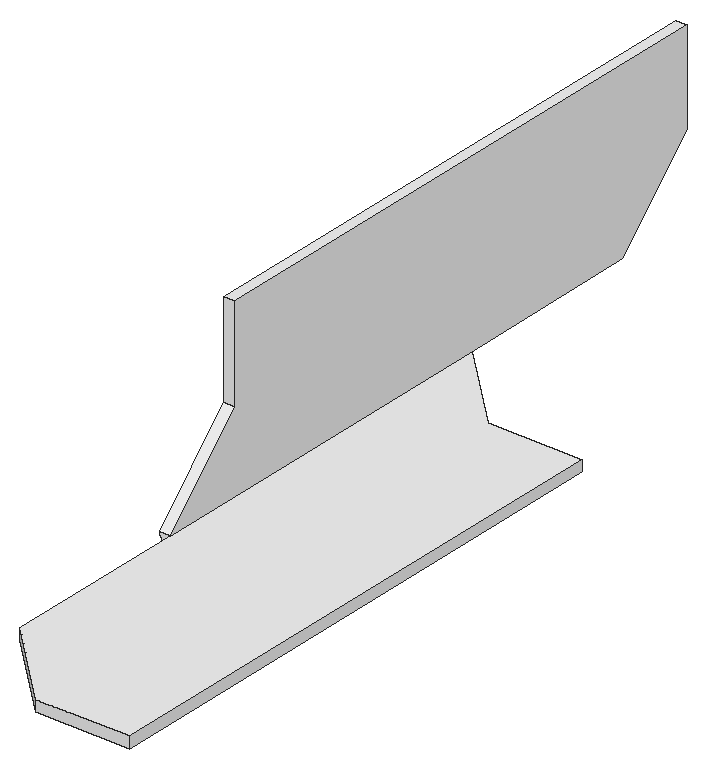
Revit family "JOMA_Takåsfäste Höger", category Structural Connections, host Face, Revit 2012
Parameters (values of type "580170H")
  Vikt = "0,10"
  Typ 370 Spikmönster [instance] = and(Typ 370, Spikmönster)  # no
  Typ 370 = no
  Typ 330 Spikmönster [instance] = and(Typ 330, Spikmönster)  # no
  Typ 330 = no
  Typ 290 Spikmönster [instance] = and(Typ 290, Spikmönster)  # no
  Typ 290 = no
  Typ 250 Spikmönster [instance] = and(Typ 250, Spikmönster)  # no
  Typ 250 = no
  Typ 210 Spikmönster [instance] = and(Typ 210, Spikmönster)  # no
  Typ 210 = no
  Typ 170 Spikmönster [instance] = and(Typ 170, Spikmönster)  # no
  Typ 170 = yes
  Typ = "TYP 170"
  Spikmönster [instance] = no
  Spik/skruv [instance] = "ANKARSPIK 4,0x40"
  Material = Varmförzinkad stålplåt
  Länk Joma Dimensioneringsverktyg = "http://www.joma.se/dimensioneringsverktyg"
  Default Elevation = 1219.2 mm
  B = 50 mm
  Antal spik/skruv i sekundär [instance] = if(and(Typ 170, Spikmönster), 5, if(and(Typ 210, Spikmönster), 7, if(and(Typ 250, Spikmönster), 9, if(and(Typ 290, Spikmönster), 11, if(and(Typ 330, Spikmönster), 13, if(and(Typ 370, Spikmönster), 15, 0))))))  # 0
  Antal spik/skruv i primär [instance] = if(and(Typ 170, Spikmönster), 6, if(and(Typ 210, Spikmönster), 8, if(and(Typ 250, Spikmönster), 10, if(and(Typ 290, Spikmönster), 12, if(and(Typ 330, Spikmönster), 14, if(and(Typ 370, Spikmönster), 16, 0))))))  # 0
  A = 170 mm
Reference planes
  plane 1 "Center (Front/Back)": y = 0
  plane 2: z = 0
  plane 3 "Center (Left/Right)": x = 0
  plane 4: y = 85
  plane 5: y = -85
  plane 6: x = -34.5
  plane 7: x = -34.5
  plane 8: z = 34.5
  plane 9: z = 34.5
  plane 10: z = 34.5
  plane 11: z = 34.5
  plane 12: y = 20
  plane 13: y = 35
  plane 14: y = -70
  plane 15: y = -35
  plane 16: x = -17
  plane 17: x = -2
  plane 18: y = 70
  plane 19: z = 2
  plane 20: z = 17
  plane 21: y = -20
  plane 22: x = 34.5
  plane 23: x = 34.5
  plane 24: x = 17
  plane 25: x = 2
Forms (mm)
  Extrusion 1, solid, material "Varmförzinkad stålplåt" <- "Material"
    sketch origin (0, 0, 0) x (-1, 0, 0) y (0, 0, -1)
      loop
        line (-2, -2) -> (-2, -34.5) -> (0, -34.5) -> (0, -2)
        arc (0, -2) -> (-0.586, -0.586) -> (-2, 0) r 2
        line (-2, 0) -> (-34.5, 0) -> (-34.5, -2) -> (-2, -2)
    from -85 to 85
  Extrusion 2, void
    sketch origin (0, 0, 0) x (-1, 0, 0) y (0, -1, 0)
      loop
        line (-34.5, -85) -> (-2, -85) -> (-2, -35) -> (-17, -20) -> (-34.5, -20) -> (-34.5, -85)
    from 0 to 2
  Extrusion 3, void
    sketch origin (0, 0, 0) x (-1, 0, 0) y (0, -1, 0)
      loop
        line (0, 85) -> (-17, 85) -> (-2, 70) -> (-2, 35) -> (0, 35) -> (0, 85)
    from 0 to 2
  Extrusion 4, void
    sketch origin (0, 0, 0) x (0, 1, 0) y (0, 0, -1)
      loop
        line (85, 0) -> (35, 0) -> (35, -2) -> (70, -2) -> (85, -17) -> (85, 0)
    from -2 to 0
  Extrusion 5, void
    sketch origin (0, 0, 0) x (0, 1, 0) y (0, 0, -1)
      loop
        line (-20, -34.5) -> (-20, -17) -> (-35, -2) -> (-85, -2) -> (-85, -34.5) -> (-20, -34.5)
    from -2 to 0
Cuts and joins
  Extrusion 2, Extrusion 3, Extrusion 4, Extrusion 5 cuts Extrusion 1
Lines and regions (mm)
  symbolic lines, visible <- "Typ 370"
    curve 1: circle (27, -177.5, 0) r 2.5 normal (0, 0, 1)
    curve 2: circle (12, -167.5, 0) r 2.5 normal (0, 0, 1)
    curve 3: circle (27, -157.5, 0) r 2.5 normal (0, 0, 1)
    curve 4: circle (12, -147.5, 0) r 2.5 normal (0, 0, 1)
    curve 5: circle (27, -137.5, 0) r 2.5 normal (0, 0, 1)
    curve 6: circle (12, -127.5, 0) r 2.5 normal (0, 0, 1)
    curve 7: circle (27, -117.5, 0) r 2.5 normal (0, 0, 1)
    curve 8: circle (12, -107.5, 0) r 2.5 normal (0, 0, 1)
    curve 9: circle (27, -97.5, 0) r 2.5 normal (0, 0, 1)
    curve 10: circle (12, -87.5, 0) r 2.5 normal (0, 0, 1)
    curve 11: circle (27, -77.5, 0) r 2.5 normal (0, 0, 1)
    curve 12: circle (12, -67.5, 0) r 2.5 normal (0, 0, 1)
    curve 13: circle (27, -57.5, 0) r 2.5 normal (0, 0, 1)
    curve 14: circle (12, -47.5, 0) r 2.5 normal (0, 0, 1)
    curve 15: circle (27, -37.5, 0) r 2.5 normal (0, 0, 1)
    curve 16: circle (12, -27.5, 0) r 2.5 normal (0, 0, 1)
    curve 17: circle (27, -17.5, 0) r 2.5 normal (0, 0, 1)
    curve 18: circle (12, -7.5, 0) r 2.5 normal (0, 0, 1)
    curve 19: circle (27, 2.5, 0) r 2.5 normal (0, 0, 1)
    curve 20: circle (12, 12.5, 0) r 2.5 normal (0, 0, 1)
    curve 21: circle (27, 22.5, 0) r 2.5 normal (0, 0, 1)
    curve 22: circle (12, 32.5, 0) r 2.5 normal (0, 0, 1)
    curve 23: circle (27, 42.5, 0) r 2.5 normal (0, 0, 1)
    curve 24: circle (12, 52.5, 0) r 2.5 normal (0, 0, 1)
    curve 25: circle (27, 62.5, 0) r 2.5 normal (0, 0, 1)
    curve 26: circle (12, 72.5, 0) r 2.5 normal (0, 0, 1)
    curve 27: circle (27, 82.5, 0) r 2.5 normal (0, 0, 1)
    curve 28: circle (12, 92.5, 0) r 2.5 normal (0, 0, 1)
    curve 29: circle (27, 102.5, 0) r 2.5 normal (0, 0, 1)
    curve 30: circle (12, 112.5, 0) r 2.5 normal (0, 0, 1)
    curve 31: circle (27, 122.5, 0) r 2.5 normal (0, 0, 1)
    curve 247: circle (0, 177.5, 27) r 2.5 normal (1, 0, 0)
    curve 248: circle (0, 167.5, 12) r 2.5 normal (1, 0, 0)
    curve 249: circle (0, 157.5, 27) r 2.5 normal (1, 0, 0)
    curve 250: circle (0, 147.5, 12) r 2.5 normal (1, 0, 0)
    curve 251: circle (0, 137.5, 27) r 2.5 normal (1, 0, 0)
    curve 252: circle (0, 127.5, 12) r 2.5 normal (1, 0, 0)
    curve 253: circle (0, 117.5, 27) r 2.5 normal (1, 0, 0)
    curve 254: circle (0, 107.5, 12) r 2.5 normal (1, 0, 0)
    curve 255: circle (0, 97.5, 27) r 2.5 normal (1, 0, 0)
    curve 256: circle (0, 87.5, 12) r 2.5 normal (1, 0, 0)
    curve 257: circle (0, 77.5, 27) r 2.5 normal (1, 0, 0)
    curve 258: circle (0, 67.5, 12) r 2.5 normal (1, 0, 0)
    curve 259: circle (0, 57.5, 27) r 2.5 normal (1, 0, 0)
    curve 260: circle (0, 47.5, 12) r 2.5 normal (1, 0, 0)
    curve 261: circle (0, 37.5, 27) r 2.5 normal (1, 0, 0)
    curve 262: circle (0, 27.5, 12) r 2.5 normal (1, 0, 0)
    curve 263: circle (0, 17.5, 27) r 2.5 normal (1, 0, 0)
    curve 264: circle (0, 7.5, 12) r 2.5 normal (1, 0, 0)
    curve 265: circle (0, -2.5, 27) r 2.5 normal (1, 0, 0)
    curve 266: circle (0, -12.5, 12) r 2.5 normal (1, 0, 0)
    curve 267: circle (0, -22.5, 27) r 2.5 normal (1, 0, 0)
    curve 268: circle (0, -32.5, 12) r 2.5 normal (1, 0, 0)
    curve 269: circle (0, -42.5, 27) r 2.5 normal (1, 0, 0)
    curve 270: circle (0, -52.5, 12) r 2.5 normal (1, 0, 0)
    curve 271: circle (0, -62.5, 27) r 2.5 normal (1, 0, 0)
    curve 272: circle (0, -72.5, 12) r 2.5 normal (1, 0, 0)
    curve 273: circle (0, -82.5, 27) r 2.5 normal (1, 0, 0)
    curve 274: circle (0, -92.5, 12) r 2.5 normal (1, 0, 0)
    curve 275: circle (0, -102.5, 27) r 2.5 normal (1, 0, 0)
    curve 276: circle (0, -112.5, 12) r 2.5 normal (1, 0, 0)
    curve 277: circle (0, -122.5, 27) r 2.5 normal (1, 0, 0)
  symbolic lines, visible <- "Typ 330"
    curve 32: circle (27, -157.5, 0) r 2.5 normal (0, 0, 1)
    curve 33: circle (12, -147.5, 0) r 2.5 normal (0, 0, 1)
    curve 34: circle (27, -137.5, 0) r 2.5 normal (0, 0, 1)
    curve 35: circle (12, -127.5, 0) r 2.5 normal (0, 0, 1)
    curve 36: circle (27, -117.5, 0) r 2.5 normal (0, 0, 1)
    curve 37: circle (12, -107.5, 0) r 2.5 normal (0, 0, 1)
    curve 38: circle (27, -97.5, 0) r 2.5 normal (0, 0, 1)
    curve 39: circle (12, -87.5, 0) r 2.5 normal (0, 0, 1)
    curve 40: circle (27, -77.5, 0) r 2.5 normal (0, 0, 1)
    curve 41: circle (12, -67.5, 0) r 2.5 normal (0, 0, 1)
    curve 42: circle (27, -57.5, 0) r 2.5 normal (0, 0, 1)
    curve 43: circle (12, -47.5, 0) r 2.5 normal (0, 0, 1)
    curve 44: circle (27, -37.5, 0) r 2.5 normal (0, 0, 1)
    curve 45: circle (12, -27.5, 0) r 2.5 normal (0, 0, 1)
    curve 46: circle (27, -17.5, 0) r 2.5 normal (0, 0, 1)
    curve 47: circle (12, -7.5, 0) r 2.5 normal (0, 0, 1)
    curve 48: circle (27, 2.5, 0) r 2.5 normal (0, 0, 1)
    curve 49: circle (12, 12.5, 0) r 2.5 normal (0, 0, 1)
    curve 50: circle (27, 22.5, 0) r 2.5 normal (0, 0, 1)
    curve 51: circle (12, 32.5, 0) r 2.5 normal (0, 0, 1)
    curve 52: circle (27, 42.5, 0) r 2.5 normal (0, 0, 1)
    curve 53: circle (12, 52.5, 0) r 2.5 normal (0, 0, 1)
    curve 54: circle (27, 62.5, 0) r 2.5 normal (0, 0, 1)
    curve 55: circle (12, 72.5, 0) r 2.5 normal (0, 0, 1)
    curve 56: circle (27, 82.5, 0) r 2.5 normal (0, 0, 1)
    curve 57: circle (12, 92.5, 0) r 2.5 normal (0, 0, 1)
    curve 58: circle (27, 102.5, 0) r 2.5 normal (0, 0, 1)
    curve 278: circle (0, 157.5, 27) r 2.5 normal (1, 0, 0)
    curve 279: circle (0, 147.5, 12) r 2.5 normal (1, 0, 0)
    curve 280: circle (0, 137.5, 27) r 2.5 normal (1, 0, 0)
    curve 281: circle (0, 127.5, 12) r 2.5 normal (1, 0, 0)
    curve 282: circle (0, 117.5, 27) r 2.5 normal (1, 0, 0)
    curve 283: circle (0, 107.5, 12) r 2.5 normal (1, 0, 0)
    curve 284: circle (0, 97.5, 27) r 2.5 normal (1, 0, 0)
    curve 285: circle (0, 87.5, 12) r 2.5 normal (1, 0, 0)
    curve 286: circle (0, 77.5, 27) r 2.5 normal (1, 0, 0)
    curve 287: circle (0, 67.5, 12) r 2.5 normal (1, 0, 0)
    curve 288: circle (0, 57.5, 27) r 2.5 normal (1, 0, 0)
    curve 289: circle (0, 47.5, 12) r 2.5 normal (1, 0, 0)
    curve 290: circle (0, 37.5, 27) r 2.5 normal (1, 0, 0)
    curve 291: circle (0, 27.5, 12) r 2.5 normal (1, 0, 0)
    curve 292: circle (0, 17.5, 27) r 2.5 normal (1, 0, 0)
    curve 293: circle (0, 7.5, 12) r 2.5 normal (1, 0, 0)
    curve 294: circle (0, -2.5, 27) r 2.5 normal (1, 0, 0)
    curve 295: circle (0, -12.5, 12) r 2.5 normal (1, 0, 0)
    curve 296: circle (0, -22.5, 27) r 2.5 normal (1, 0, 0)
    curve 297: circle (0, -32.5, 12) r 2.5 normal (1, 0, 0)
    curve 298: circle (0, -42.5, 27) r 2.5 normal (1, 0, 0)
    curve 299: circle (0, -52.5, 12) r 2.5 normal (1, 0, 0)
    curve 300: circle (0, -62.5, 27) r 2.5 normal (1, 0, 0)
    curve 301: circle (0, -72.5, 12) r 2.5 normal (1, 0, 0)
    curve 302: circle (0, -82.5, 27) r 2.5 normal (1, 0, 0)
    curve 303: circle (0, -92.5, 12) r 2.5 normal (1, 0, 0)
    curve 304: circle (0, -102.5, 27) r 2.5 normal (1, 0, 0)
  symbolic lines, visible <- "Typ 290"
    curve 59: circle (27, -137.5, 0) r 2.5 normal (0, 0, 1)
    curve 60: circle (12, -127.5, 0) r 2.5 normal (0, 0, 1)
    curve 61: circle (27, -117.5, 0) r 2.5 normal (0, 0, 1)
    curve 62: circle (12, -107.5, 0) r 2.5 normal (0, 0, 1)
    curve 63: circle (27, -97.5, 0) r 2.5 normal (0, 0, 1)
    curve 64: circle (12, -87.5, 0) r 2.5 normal (0, 0, 1)
    curve 65: circle (27, -77.5, 0) r 2.5 normal (0, 0, 1)
    curve 66: circle (12, -67.5, 0) r 2.5 normal (0, 0, 1)
    curve 67: circle (27, -57.5, 0) r 2.5 normal (0, 0, 1)
    curve 68: circle (12, -47.5, 0) r 2.5 normal (0, 0, 1)
    curve 69: circle (27, -37.5, 0) r 2.5 normal (0, 0, 1)
    curve 70: circle (12, -27.5, 0) r 2.5 normal (0, 0, 1)
    curve 71: circle (27, -17.5, 0) r 2.5 normal (0, 0, 1)
    curve 72: circle (12, -7.5, 0) r 2.5 normal (0, 0, 1)
    curve 73: circle (27, 2.5, 0) r 2.5 normal (0, 0, 1)
    curve 74: circle (12, 12.5, 0) r 2.5 normal (0, 0, 1)
    curve 75: circle (27, 22.5, 0) r 2.5 normal (0, 0, 1)
    curve 76: circle (12, 32.5, 0) r 2.5 normal (0, 0, 1)
    curve 77: circle (27, 42.5, 0) r 2.5 normal (0, 0, 1)
    curve 78: circle (12, 52.5, 0) r 2.5 normal (0, 0, 1)
    curve 79: circle (27, 62.5, 0) r 2.5 normal (0, 0, 1)
    curve 80: circle (12, 72.5, 0) r 2.5 normal (0, 0, 1)
    curve 81: circle (27, 82.5, 0) r 2.5 normal (0, 0, 1)
    curve 305: circle (0, 137.5, 27) r 2.5 normal (1, 0, 0)
    curve 306: circle (0, 127.5, 12) r 2.5 normal (1, 0, 0)
    curve 307: circle (0, 117.5, 27) r 2.5 normal (1, 0, 0)
    curve 308: circle (0, 107.5, 12) r 2.5 normal (1, 0, 0)
    curve 309: circle (0, 97.5, 27) r 2.5 normal (1, 0, 0)
    curve 310: circle (0, 87.5, 12) r 2.5 normal (1, 0, 0)
    curve 311: circle (0, 77.5, 27) r 2.5 normal (1, 0, 0)
    curve 312: circle (0, 67.5, 12) r 2.5 normal (1, 0, 0)
    curve 313: circle (0, 57.5, 27) r 2.5 normal (1, 0, 0)
    curve 314: circle (0, 47.5, 12) r 2.5 normal (1, 0, 0)
    curve 315: circle (0, 37.5, 27) r 2.5 normal (1, 0, 0)
    curve 316: circle (0, 27.5, 12) r 2.5 normal (1, 0, 0)
    curve 317: circle (0, 17.5, 27) r 2.5 normal (1, 0, 0)
    curve 318: circle (0, 7.5, 12) r 2.5 normal (1, 0, 0)
    curve 319: circle (0, -2.5, 27) r 2.5 normal (1, 0, 0)
    curve 320: circle (0, -12.5, 12) r 2.5 normal (1, 0, 0)
    curve 321: circle (0, -22.5, 27) r 2.5 normal (1, 0, 0)
    curve 322: circle (0, -32.5, 12) r 2.5 normal (1, 0, 0)
    curve 323: circle (0, -42.5, 27) r 2.5 normal (1, 0, 0)
    curve 324: circle (0, -52.5, 12) r 2.5 normal (1, 0, 0)
    curve 325: circle (0, -62.5, 27) r 2.5 normal (1, 0, 0)
    curve 326: circle (0, -72.5, 12) r 2.5 normal (1, 0, 0)
    curve 327: circle (0, -82.5, 27) r 2.5 normal (1, 0, 0)
  symbolic lines, visible <- "Typ 250"
    curve 82: circle (27, -117.5, 0) r 2.5 normal (0, 0, 1)
    curve 83: circle (12, -107.5, 0) r 2.5 normal (0, 0, 1)
    curve 84: circle (27, -97.5, 0) r 2.5 normal (0, 0, 1)
    curve 85: circle (12, -87.5, 0) r 2.5 normal (0, 0, 1)
    curve 86: circle (27, -77.5, 0) r 2.5 normal (0, 0, 1)
    curve 87: circle (12, -67.5, 0) r 2.5 normal (0, 0, 1)
    curve 88: circle (27, -57.5, 0) r 2.5 normal (0, 0, 1)
    curve 89: circle (12, -47.5, 0) r 2.5 normal (0, 0, 1)
    curve 90: circle (27, -37.5, 0) r 2.5 normal (0, 0, 1)
    curve 91: circle (12, -27.5, 0) r 2.5 normal (0, 0, 1)
    curve 92: circle (27, -17.5, 0) r 2.5 normal (0, 0, 1)
    curve 93: circle (12, -7.5, 0) r 2.5 normal (0, 0, 1)
    curve 94: circle (27, 2.5, 0) r 2.5 normal (0, 0, 1)
    curve 95: circle (12, 12.5, 0) r 2.5 normal (0, 0, 1)
    curve 96: circle (27, 22.5, 0) r 2.5 normal (0, 0, 1)
    curve 97: circle (12, 32.5, 0) r 2.5 normal (0, 0, 1)
    curve 98: circle (27, 42.5, 0) r 2.5 normal (0, 0, 1)
    curve 123: circle (12, 52.5, 0) r 2.5 normal (0, 0, 1)
    curve 328: circle (0, 117.5, 27) r 2.5 normal (1, 0, 0)
    curve 329: circle (0, 107.5, 12) r 2.5 normal (1, 0, 0)
    curve 330: circle (0, 97.5, 27) r 2.5 normal (1, 0, 0)
    curve 331: circle (0, 87.5, 12) r 2.5 normal (1, 0, 0)
    curve 332: circle (0, 77.5, 27) r 2.5 normal (1, 0, 0)
    curve 333: circle (0, 67.5, 12) r 2.5 normal (1, 0, 0)
    curve 334: circle (0, 57.5, 27) r 2.5 normal (1, 0, 0)
    curve 335: circle (0, 47.5, 12) r 2.5 normal (1, 0, 0)
    curve 336: circle (0, 37.5, 27) r 2.5 normal (1, 0, 0)
    curve 337: circle (0, 27.5, 12) r 2.5 normal (1, 0, 0)
    curve 338: circle (0, 17.5, 27) r 2.5 normal (1, 0, 0)
    curve 339: circle (0, 7.5, 12) r 2.5 normal (1, 0, 0)
    curve 340: circle (0, -2.5, 27) r 2.5 normal (1, 0, 0)
    curve 341: circle (0, -12.5, 12) r 2.5 normal (1, 0, 0)
    curve 342: circle (0, -22.5, 27) r 2.5 normal (1, 0, 0)
    curve 343: circle (0, -32.5, 12) r 2.5 normal (1, 0, 0)
    curve 344: circle (0, -42.5, 27) r 2.5 normal (1, 0, 0)
    curve 345: circle (0, -52.5, 12) r 2.5 normal (1, 0, 0)
  symbolic lines, visible <- "Typ 210"
    curve 99: circle (27, -97.5, 0) r 2.5 normal (0, 0, 1)
    curve 100: circle (12, -87.5, 0) r 2.5 normal (0, 0, 1)
    curve 101: circle (27, -77.5, 0) r 2.5 normal (0, 0, 1)
    curve 102: circle (12, -67.5, 0) r 2.5 normal (0, 0, 1)
    curve 103: circle (27, -57.5, 0) r 2.5 normal (0, 0, 1)
    curve 104: circle (12, -47.5, 0) r 2.5 normal (0, 0, 1)
    curve 105: circle (27, -37.5, 0) r 2.5 normal (0, 0, 1)
    curve 106: circle (12, -27.5, 0) r 2.5 normal (0, 0, 1)
    curve 107: circle (27, -17.5, 0) r 2.5 normal (0, 0, 1)
    curve 108: circle (12, -7.5, 0) r 2.5 normal (0, 0, 1)
    curve 109: circle (27, 2.5, 0) r 2.5 normal (0, 0, 1)
    curve 110: circle (12, 12.5, 0) r 2.5 normal (0, 0, 1)
    curve 111: circle (27, 22.5, 0) r 2.5 normal (0, 0, 1)
    curve 112: circle (12, 32.5, 0) r 2.5 normal (0, 0, 1)
    curve 346: circle (0, 97.5, 27) r 2.5 normal (1, 0, 0)
    curve 347: circle (0, 87.5, 12) r 2.5 normal (1, 0, 0)
    curve 348: circle (0, 77.5, 27) r 2.5 normal (1, 0, 0)
    curve 349: circle (0, 67.5, 12) r 2.5 normal (1, 0, 0)
    curve 350: circle (0, 57.5, 27) r 2.5 normal (1, 0, 0)
    curve 351: circle (0, 47.5, 12) r 2.5 normal (1, 0, 0)
    curve 352: circle (0, 37.5, 27) r 2.5 normal (1, 0, 0)
    curve 353: circle (0, 27.5, 12) r 2.5 normal (1, 0, 0)
    curve 354: circle (0, 17.5, 27) r 2.5 normal (1, 0, 0)
    curve 355: circle (0, 7.5, 12) r 2.5 normal (1, 0, 0)
    curve 356: circle (0, -2.5, 27) r 2.5 normal (1, 0, 0)
    curve 357: circle (0, -12.5, 12) r 2.5 normal (1, 0, 0)
    curve 358: circle (0, -22.5, 27) r 2.5 normal (1, 0, 0)
    curve 359: circle (0, -32.5, 12) r 2.5 normal (1, 0, 0)
  symbolic lines, visible <- "Typ 170"
    curve 113: circle (27, -77.5, 0) r 2.5 normal (0, 0, 1)
    curve 114: circle (12, -67.5, 0) r 2.5 normal (0, 0, 1)
    curve 115: circle (27, -57.5, 0) r 2.5 normal (0, 0, 1)
    curve 116: circle (12, -47.5, 0) r 2.5 normal (0, 0, 1)
    curve 117: circle (27, -37.5, 0) r 2.5 normal (0, 0, 1)
    curve 118: circle (12, -27.5, 0) r 2.5 normal (0, 0, 1)
    curve 119: circle (27, -17.5, 0) r 2.5 normal (0, 0, 1)
    curve 120: circle (12, -7.5, 0) r 2.5 normal (0, 0, 1)
    curve 121: circle (27, 2.5, 0) r 2.5 normal (0, 0, 1)
    curve 122: circle (12, 12.5, 0) r 2.5 normal (0, 0, 1)
    curve 360: circle (0, 77.5, 27) r 2.5 normal (1, 0, 0)
    curve 361: circle (0, 67.5, 12) r 2.5 normal (1, 0, 0)
    curve 362: circle (0, 57.5, 27) r 2.5 normal (1, 0, 0)
    curve 363: circle (0, 47.5, 12) r 2.5 normal (1, 0, 0)
    curve 364: circle (0, 37.5, 27) r 2.5 normal (1, 0, 0)
    curve 365: circle (0, 27.5, 12) r 2.5 normal (1, 0, 0)
    curve 366: circle (0, 17.5, 27) r 2.5 normal (1, 0, 0)
    curve 367: circle (0, 7.5, 12) r 2.5 normal (1, 0, 0)
    curve 368: circle (0, -2.5, 27) r 2.5 normal (1, 0, 0)
    curve 369: circle (0, -12.5, 12) r 2.5 normal (1, 0, 0)
  symbolic lines, visible <- "Typ 170", not visible
    curve 124: circle (1097, -177.5, 0) r 2.5 normal (0, 0, 1)
    curve 125: circle (1082, -167.5, 0) r 2.5 normal (0, 0, 1)
    curve 126: circle (1097, -157.5, 0) r 2.5 normal (0, 0, 1)
    curve 127: circle (1082, -147.5, 0) r 2.5 normal (0, 0, 1)
    curve 128: circle (1097, -137.5, 0) r 2.5 normal (0, 0, 1)
    curve 129: circle (1082, -127.5, 0) r 2.5 normal (0, 0, 1)
    curve 130: circle (1097, -117.5, 0) r 2.5 normal (0, 0, 1)
    curve 131: circle (1082, -107.5, 0) r 2.5 normal (0, 0, 1)
    curve 132: circle (1097, -97.5, 0) r 2.5 normal (0, 0, 1)
    curve 133: circle (1082, -87.5, 0) r 2.5 normal (0, 0, 1)
    curve 370: circle (0, 177.5, 682) r 2.5 normal (1, 0, 0)
    curve 371: circle (0, 167.5, 667) r 2.5 normal (1, 0, 0)
    curve 372: circle (0, 157.5, 682) r 2.5 normal (1, 0, 0)
    curve 373: circle (0, 147.5, 667) r 2.5 normal (1, 0, 0)
    curve 374: circle (0, 137.5, 682) r 2.5 normal (1, 0, 0)
    curve 375: circle (0, 127.5, 667) r 2.5 normal (1, 0, 0)
    curve 376: circle (0, 117.5, 682) r 2.5 normal (1, 0, 0)
    curve 377: circle (0, 107.5, 667) r 2.5 normal (1, 0, 0)
    curve 378: circle (0, 97.5, 682) r 2.5 normal (1, 0, 0)
    curve 379: circle (0, 87.5, 667) r 2.5 normal (1, 0, 0)
  symbolic lines, visible <- "Typ 210", not visible
    curve 134: circle (907, -177.5, 0) r 2.5 normal (0, 0, 1)
    curve 135: circle (892, -167.5, 0) r 2.5 normal (0, 0, 1)
    curve 136: circle (907, -157.5, 0) r 2.5 normal (0, 0, 1)
    curve 137: circle (892, -147.5, 0) r 2.5 normal (0, 0, 1)
    curve 138: circle (907, -137.5, 0) r 2.5 normal (0, 0, 1)
    curve 139: circle (892, -127.5, 0) r 2.5 normal (0, 0, 1)
    curve 140: circle (907, -117.5, 0) r 2.5 normal (0, 0, 1)
    curve 141: circle (892, -107.5, 0) r 2.5 normal (0, 0, 1)
    curve 142: circle (907, -97.5, 0) r 2.5 normal (0, 0, 1)
    curve 143: circle (892, -87.5, 0) r 2.5 normal (0, 0, 1)
    curve 144: circle (907, -77.5, 0) r 2.5 normal (0, 0, 1)
    curve 145: circle (892, -67.5, 0) r 2.5 normal (0, 0, 1)
    curve 146: circle (907, -57.5, 0) r 2.5 normal (0, 0, 1)
    curve 147: circle (892, -47.5, 0) r 2.5 normal (0, 0, 1)
    curve 380: circle (0, 177.5, 567) r 2.5 normal (1, 0, 0)
    curve 381: circle (0, 167.5, 552) r 2.5 normal (1, 0, 0)
    curve 382: circle (0, 157.5, 567) r 2.5 normal (1, 0, 0)
    curve 383: circle (0, 147.5, 552) r 2.5 normal (1, 0, 0)
    curve 384: circle (0, 137.5, 567) r 2.5 normal (1, 0, 0)
    curve 385: circle (0, 127.5, 552) r 2.5 normal (1, 0, 0)
    curve 386: circle (0, 117.5, 567) r 2.5 normal (1, 0, 0)
    curve 387: circle (0, 107.5, 552) r 2.5 normal (1, 0, 0)
    curve 388: circle (0, 97.5, 567) r 2.5 normal (1, 0, 0)
    curve 389: circle (0, 87.5, 552) r 2.5 normal (1, 0, 0)
    curve 390: circle (0, 77.5, 567) r 2.5 normal (1, 0, 0)
    curve 391: circle (0, 67.5, 552) r 2.5 normal (1, 0, 0)
    curve 392: circle (0, 57.5, 567) r 2.5 normal (1, 0, 0)
    curve 393: circle (0, 47.5, 552) r 2.5 normal (1, 0, 0)
  symbolic lines, visible <- "Typ 250", not visible
    curve 148: circle (727, -177.5, 0) r 2.5 normal (0, 0, 1)
    curve 149: circle (712, -167.5, 0) r 2.5 normal (0, 0, 1)
    curve 150: circle (727, -157.5, 0) r 2.5 normal (0, 0, 1)
    curve 151: circle (712, -147.5, 0) r 2.5 normal (0, 0, 1)
    curve 152: circle (727, -137.5, 0) r 2.5 normal (0, 0, 1)
    curve 153: circle (712, -127.5, 0) r 2.5 normal (0, 0, 1)
    curve 154: circle (727, -117.5, 0) r 2.5 normal (0, 0, 1)
    curve 155: circle (712, -107.5, 0) r 2.5 normal (0, 0, 1)
    curve 156: circle (727, -97.5, 0) r 2.5 normal (0, 0, 1)
    curve 157: circle (712, -87.5, 0) r 2.5 normal (0, 0, 1)
    curve 158: circle (727, -77.5, 0) r 2.5 normal (0, 0, 1)
    curve 159: circle (712, -67.5, 0) r 2.5 normal (0, 0, 1)
    curve 160: circle (727, -57.5, 0) r 2.5 normal (0, 0, 1)
    curve 161: circle (712, -47.5, 0) r 2.5 normal (0, 0, 1)
    curve 162: circle (727, -37.5, 0) r 2.5 normal (0, 0, 1)
    curve 163: circle (712, -27.5, 0) r 2.5 normal (0, 0, 1)
    curve 164: circle (727, -17.5, 0) r 2.5 normal (0, 0, 1)
    curve 165: circle (712, -7.5, 0) r 2.5 normal (0, 0, 1)
    curve 394: circle (0, 177.5, 472) r 2.5 normal (1, 0, 0)
    curve 395: circle (0, 167.5, 457) r 2.5 normal (1, 0, 0)
    curve 396: circle (0, 157.5, 472) r 2.5 normal (1, 0, 0)
    curve 397: circle (0, 147.5, 457) r 2.5 normal (1, 0, 0)
    curve 398: circle (0, 137.5, 472) r 2.5 normal (1, 0, 0)
    curve 399: circle (0, 127.5, 457) r 2.5 normal (1, 0, 0)
    curve 400: circle (0, 117.5, 472) r 2.5 normal (1, 0, 0)
    curve 401: circle (0, 107.5, 457) r 2.5 normal (1, 0, 0)
    curve 402: circle (0, 97.5, 472) r 2.5 normal (1, 0, 0)
    curve 403: circle (0, 87.5, 457) r 2.5 normal (1, 0, 0)
    curve 404: circle (0, 77.5, 472) r 2.5 normal (1, 0, 0)
    curve 405: circle (0, 67.5, 457) r 2.5 normal (1, 0, 0)
    curve 406: circle (0, 57.5, 472) r 2.5 normal (1, 0, 0)
    curve 407: circle (0, 47.5, 457) r 2.5 normal (1, 0, 0)
    curve 408: circle (0, 37.5, 472) r 2.5 normal (1, 0, 0)
    curve 409: circle (0, 27.5, 457) r 2.5 normal (1, 0, 0)
    curve 410: circle (0, 17.5, 472) r 2.5 normal (1, 0, 0)
    curve 411: circle (0, 7.5, 457) r 2.5 normal (1, 0, 0)
  symbolic lines, visible <- "Typ 290", not visible
    curve 166: circle (527, -177.5, 0) r 2.5 normal (0, 0, 1)
    curve 167: circle (512, -167.5, 0) r 2.5 normal (0, 0, 1)
    curve 168: circle (527, -157.5, 0) r 2.5 normal (0, 0, 1)
    curve 169: circle (512, -147.5, 0) r 2.5 normal (0, 0, 1)
    curve 170: circle (527, -137.5, 0) r 2.5 normal (0, 0, 1)
    curve 171: circle (512, -127.5, 0) r 2.5 normal (0, 0, 1)
    curve 172: circle (527, -117.5, 0) r 2.5 normal (0, 0, 1)
    curve 173: circle (512, -107.5, 0) r 2.5 normal (0, 0, 1)
    curve 174: circle (527, -97.5, 0) r 2.5 normal (0, 0, 1)
    curve 175: circle (512, -87.5, 0) r 2.5 normal (0, 0, 1)
    curve 176: circle (527, -77.5, 0) r 2.5 normal (0, 0, 1)
    curve 177: circle (512, -67.5, 0) r 2.5 normal (0, 0, 1)
    curve 178: circle (527, -57.5, 0) r 2.5 normal (0, 0, 1)
    curve 179: circle (512, -47.5, 0) r 2.5 normal (0, 0, 1)
    curve 180: circle (527, -37.5, 0) r 2.5 normal (0, 0, 1)
    curve 181: circle (512, -27.5, 0) r 2.5 normal (0, 0, 1)
    curve 182: circle (527, -17.5, 0) r 2.5 normal (0, 0, 1)
    curve 183: circle (512, -7.5, 0) r 2.5 normal (0, 0, 1)
    curve 184: circle (527, 2.5, 0) r 2.5 normal (0, 0, 1)
    curve 185: circle (512, 12.5, 0) r 2.5 normal (0, 0, 1)
    curve 186: circle (527, 22.5, 0) r 2.5 normal (0, 0, 1)
    curve 187: circle (512, 32.5, 0) r 2.5 normal (0, 0, 1)
    curve 188: circle (527, 42.5, 0) r 2.5 normal (0, 0, 1)
    curve 412: circle (0, 177.5, 312) r 2.5 normal (1, 0, 0)
    curve 413: circle (0, 167.5, 297) r 2.5 normal (1, 0, 0)
    curve 414: circle (0, 157.5, 312) r 2.5 normal (1, 0, 0)
    curve 415: circle (0, 147.5, 297) r 2.5 normal (1, 0, 0)
    curve 416: circle (0, 137.5, 312) r 2.5 normal (1, 0, 0)
    curve 417: circle (0, 127.5, 297) r 2.5 normal (1, 0, 0)
    curve 418: circle (0, 117.5, 312) r 2.5 normal (1, 0, 0)
    curve 419: circle (0, 107.5, 297) r 2.5 normal (1, 0, 0)
    curve 420: circle (0, 97.5, 312) r 2.5 normal (1, 0, 0)
    curve 421: circle (0, 87.5, 297) r 2.5 normal (1, 0, 0)
    curve 422: circle (0, 77.5, 312) r 2.5 normal (1, 0, 0)
    curve 423: circle (0, 67.5, 297) r 2.5 normal (1, 0, 0)
    curve 424: circle (0, 57.5, 312) r 2.5 normal (1, 0, 0)
    curve 425: circle (0, 47.5, 297) r 2.5 normal (1, 0, 0)
    curve 426: circle (0, 37.5, 312) r 2.5 normal (1, 0, 0)
    curve 427: circle (0, 27.5, 297) r 2.5 normal (1, 0, 0)
    curve 428: circle (0, 17.5, 312) r 2.5 normal (1, 0, 0)
    curve 429: circle (0, 7.5, 297) r 2.5 normal (1, 0, 0)
    curve 430: circle (0, -2.5, 312) r 2.5 normal (1, 0, 0)
    curve 431: circle (0, -12.5, 297) r 2.5 normal (1, 0, 0)
    curve 432: circle (0, -22.5, 312) r 2.5 normal (1, 0, 0)
    curve 433: circle (0, -32.5, 297) r 2.5 normal (1, 0, 0)
    curve 434: circle (0, -42.5, 312) r 2.5 normal (1, 0, 0)
  symbolic lines, visible <- "Typ 330", not visible
    curve 189: circle (122, -177.5, 0) r 2.5 normal (0, 0, 1)
    curve 190: circle (107, -167.5, 0) r 2.5 normal (0, 0, 1)
    curve 191: circle (122, -157.5, 0) r 2.5 normal (0, 0, 1)
    curve 192: circle (107, -147.5, 0) r 2.5 normal (0, 0, 1)
    curve 193: circle (122, -137.5, 0) r 2.5 normal (0, 0, 1)
    curve 194: circle (107, -127.5, 0) r 2.5 normal (0, 0, 1)
    curve 195: circle (122, -117.5, 0) r 2.5 normal (0, 0, 1)
    curve 196: circle (107, -107.5, 0) r 2.5 normal (0, 0, 1)
    curve 197: circle (122, -97.5, 0) r 2.5 normal (0, 0, 1)
    curve 198: circle (107, -87.5, 0) r 2.5 normal (0, 0, 1)
    curve 199: circle (122, -77.5, 0) r 2.5 normal (0, 0, 1)
    curve 200: circle (107, -67.5, 0) r 2.5 normal (0, 0, 1)
    curve 201: circle (122, -57.5, 0) r 2.5 normal (0, 0, 1)
    curve 202: circle (107, -47.5, 0) r 2.5 normal (0, 0, 1)
    curve 203: circle (122, -37.5, 0) r 2.5 normal (0, 0, 1)
    curve 204: circle (107, -27.5, 0) r 2.5 normal (0, 0, 1)
    curve 205: circle (122, -17.5, 0) r 2.5 normal (0, 0, 1)
    curve 206: circle (107, -7.5, 0) r 2.5 normal (0, 0, 1)
    curve 207: circle (122, 2.5, 0) r 2.5 normal (0, 0, 1)
    curve 208: circle (107, 12.5, 0) r 2.5 normal (0, 0, 1)
    curve 209: circle (122, 22.5, 0) r 2.5 normal (0, 0, 1)
    curve 210: circle (107, 32.5, 0) r 2.5 normal (0, 0, 1)
    curve 211: circle (122, 42.5, 0) r 2.5 normal (0, 0, 1)
    curve 212: circle (107, 52.5, 0) r 2.5 normal (0, 0, 1)
    curve 213: circle (122, 62.5, 0) r 2.5 normal (0, 0, 1)
    curve 214: circle (107, 72.5, 0) r 2.5 normal (0, 0, 1)
    curve 215: circle (122, 82.5, 0) r 2.5 normal (0, 0, 1)
    curve 435: circle (0, 177.5, 167) r 2.5 normal (1, 0, 0)
    curve 436: circle (0, 167.5, 152) r 2.5 normal (1, 0, 0)
    curve 437: circle (0, 157.5, 167) r 2.5 normal (1, 0, 0)
    curve 438: circle (0, 147.5, 152) r 2.5 normal (1, 0, 0)
    curve 439: circle (0, 137.5, 167) r 2.5 normal (1, 0, 0)
    curve 440: circle (0, 127.5, 152) r 2.5 normal (1, 0, 0)
    curve 441: circle (0, 117.5, 167) r 2.5 normal (1, 0, 0)
    curve 442: circle (0, 107.5, 152) r 2.5 normal (1, 0, 0)
    curve 443: circle (0, 97.5, 167) r 2.5 normal (1, 0, 0)
    curve 444: circle (0, 87.5, 152) r 2.5 normal (1, 0, 0)
    curve 445: circle (0, 77.5, 167) r 2.5 normal (1, 0, 0)
    curve 446: circle (0, 67.5, 152) r 2.5 normal (1, 0, 0)
    curve 447: circle (0, 57.5, 167) r 2.5 normal (1, 0, 0)
    curve 448: circle (0, 47.5, 152) r 2.5 normal (1, 0, 0)
    curve 449: circle (0, 37.5, 167) r 2.5 normal (1, 0, 0)
    curve 450: circle (0, 27.5, 152) r 2.5 normal (1, 0, 0)
    curve 451: circle (0, 17.5, 167) r 2.5 normal (1, 0, 0)
    curve 452: circle (0, 7.5, 152) r 2.5 normal (1, 0, 0)
    curve 453: circle (0, -2.5, 167) r 2.5 normal (1, 0, 0)
    curve 454: circle (0, -12.5, 152) r 2.5 normal (1, 0, 0)
    curve 455: circle (0, -22.5, 167) r 2.5 normal (1, 0, 0)
    curve 456: circle (0, -32.5, 152) r 2.5 normal (1, 0, 0)
    curve 457: circle (0, -42.5, 167) r 2.5 normal (1, 0, 0)
    curve 458: circle (0, -52.5, 152) r 2.5 normal (1, 0, 0)
    curve 459: circle (0, -62.5, 167) r 2.5 normal (1, 0, 0)
    curve 460: circle (0, -72.5, 152) r 2.5 normal (1, 0, 0)
    curve 461: circle (0, -82.5, 167) r 2.5 normal (1, 0, 0)
  symbolic lines, visible <- "Typ 370", not visible
    curve 216: circle (27, -177.5, 0) r 2.5 normal (0, 0, 1)
    curve 217: circle (12, -167.5, 0) r 2.5 normal (0, 0, 1)
    curve 218: circle (27, -157.5, 0) r 2.5 normal (0, 0, 1)
    curve 219: circle (12, -147.5, 0) r 2.5 normal (0, 0, 1)
    curve 220: circle (27, -137.5, 0) r 2.5 normal (0, 0, 1)
    curve 221: circle (12, -127.5, 0) r 2.5 normal (0, 0, 1)
    curve 222: circle (27, -117.5, 0) r 2.5 normal (0, 0, 1)
    curve 223: circle (12, -107.5, 0) r 2.5 normal (0, 0, 1)
    curve 224: circle (27, -97.5, 0) r 2.5 normal (0, 0, 1)
    curve 225: circle (12, -87.5, 0) r 2.5 normal (0, 0, 1)
    curve 226: circle (27, -77.5, 0) r 2.5 normal (0, 0, 1)
    curve 227: circle (12, -67.5, 0) r 2.5 normal (0, 0, 1)
    curve 228: circle (27, -57.5, 0) r 2.5 normal (0, 0, 1)
    curve 229: circle (12, -47.5, 0) r 2.5 normal (0, 0, 1)
    curve 230: circle (27, -37.5, 0) r 2.5 normal (0, 0, 1)
    curve 231: circle (12, -27.5, 0) r 2.5 normal (0, 0, 1)
    curve 232: circle (27, -17.5, 0) r 2.5 normal (0, 0, 1)
    curve 233: circle (12, -7.5, 0) r 2.5 normal (0, 0, 1)
    curve 234: circle (27, 2.5, 0) r 2.5 normal (0, 0, 1)
    curve 235: circle (12, 12.5, 0) r 2.5 normal (0, 0, 1)
    curve 236: circle (27, 22.5, 0) r 2.5 normal (0, 0, 1)
    curve 237: circle (12, 32.5, 0) r 2.5 normal (0, 0, 1)
    curve 238: circle (27, 42.5, 0) r 2.5 normal (0, 0, 1)
    curve 239: circle (12, 52.5, 0) r 2.5 normal (0, 0, 1)
    curve 240: circle (27, 62.5, 0) r 2.5 normal (0, 0, 1)
    curve 241: circle (12, 72.5, 0) r 2.5 normal (0, 0, 1)
    curve 242: circle (27, 82.5, 0) r 2.5 normal (0, 0, 1)
    curve 243: circle (12, 92.5, 0) r 2.5 normal (0, 0, 1)
    curve 244: circle (27, 102.5, 0) r 2.5 normal (0, 0, 1)
    curve 245: circle (12, 112.5, 0) r 2.5 normal (0, 0, 1)
    curve 246: circle (27, 122.5, 0) r 2.5 normal (0, 0, 1)
    curve 462: circle (0, 177.5, 27) r 2.5 normal (1, 0, 0)
    curve 463: circle (0, 167.5, 12) r 2.5 normal (1, 0, 0)
    curve 464: circle (0, 157.5, 27) r 2.5 normal (1, 0, 0)
    curve 465: circle (0, 147.5, 12) r 2.5 normal (1, 0, 0)
    curve 466: circle (0, 137.5, 27) r 2.5 normal (1, 0, 0)
    curve 467: circle (0, 127.5, 12) r 2.5 normal (1, 0, 0)
    curve 468: circle (0, 117.5, 27) r 2.5 normal (1, 0, 0)
    curve 469: circle (0, 107.5, 12) r 2.5 normal (1, 0, 0)
    curve 470: circle (0, 97.5, 27) r 2.5 normal (1, 0, 0)
    curve 471: circle (0, 87.5, 12) r 2.5 normal (1, 0, 0)
    curve 472: circle (0, 77.5, 27) r 2.5 normal (1, 0, 0)
    curve 473: circle (0, 67.5, 12) r 2.5 normal (1, 0, 0)
    curve 474: circle (0, 57.5, 27) r 2.5 normal (1, 0, 0)
    curve 475: circle (0, 47.5, 12) r 2.5 normal (1, 0, 0)
    curve 476: circle (0, 37.5, 27) r 2.5 normal (1, 0, 0)
    curve 477: circle (0, 27.5, 12) r 2.5 normal (1, 0, 0)
    curve 478: circle (0, 17.5, 27) r 2.5 normal (1, 0, 0)
    curve 479: circle (0, 7.5, 12) r 2.5 normal (1, 0, 0)
    curve 480: circle (0, -2.5, 27) r 2.5 normal (1, 0, 0)
    curve 481: circle (0, -12.5, 12) r 2.5 normal (1, 0, 0)
    curve 482: circle (0, -22.5, 27) r 2.5 normal (1, 0, 0)
    curve 483: circle (0, -32.5, 12) r 2.5 normal (1, 0, 0)
    curve 484: circle (0, -42.5, 27) r 2.5 normal (1, 0, 0)
    curve 485: circle (0, -52.5, 12) r 2.5 normal (1, 0, 0)
    curve 486: circle (0, -62.5, 27) r 2.5 normal (1, 0, 0)
    curve 487: circle (0, -72.5, 12) r 2.5 normal (1, 0, 0)
    curve 488: circle (0, -82.5, 27) r 2.5 normal (1, 0, 0)
    curve 489: circle (0, -92.5, 12) r 2.5 normal (1, 0, 0)
    curve 490: circle (0, -102.5, 27) r 2.5 normal (1, 0, 0)
    curve 491: circle (0, -112.5, 12) r 2.5 normal (1, 0, 0)
    curve 492: circle (0, -122.5, 27) r 2.5 normal (1, 0, 0)
Text (mm)
  text "Primär" at (251.969, 137.445, 0), in view "Ref. Level"
  text "Sekundär" at (0, -277.998, 147.45), in view "Left"
Dimensions and locks
  "A": plane 4 to plane 5
  locked: plane 13 to plane 12 at 15
  "B": plane 4 to plane 13
  locked: plane 14 to plane 5 at 15
  "B": plane 15 to plane 5
  locked: plane 4 to plane 18 at 15
  locked: plane 21 to plane 15 at 15
  equal spacing: plane 4, plane 1 "Center (Front/Back)", plane 5
  aligned and locked: plane 2 to host face
  aligned and locked: level to host face
  aligned and locked: plane 7 to plane 6
  aligned and locked: plane 11 to plane 8
  aligned and locked: Extrusion 1 to Extrusion 2  (x3)
  aligned and locked: Extrusion 1 to Extrusion 3  (x2)
  aligned and locked: plane 22 to plane 23
  aligned and locked: plane 4 to Extrusion 1
  aligned and locked: Extrusion 1 to plane 5
  aligned and locked: Extrusion 1 to plane 3 "Center (Left/Right)"
  aligned and locked: plane 4 to Extrusion 2
  aligned and locked: Extrusion 2 to plane 22
  aligned and locked: Extrusion 2 to plane 12
  aligned and locked: Extrusion 2 to Extrusion 3
  aligned and locked: plane 15 to Extrusion 3
  aligned and locked: Extrusion 3 to plane 5
  aligned and locked: Extrusion 3 to plane 3 "Center (Left/Right)"
  aligned and locked: Extrusion 3 to Extrusion 4
  aligned and locked: Extrusion 1 to plane 8
  aligned and locked: Extrusion 1 to plane 19
  aligned and locked: plane 21 to Extrusion 5
  aligned and locked: Extrusion 5 to plane 8
  aligned and locked: Extrusion 5 to plane 5
  aligned and locked: plane 19 to Extrusion 5
  aligned and locked: plane 4 to Extrusion 4
  aligned and locked: Extrusion 4 to plane 19
  aligned and locked: Extrusion 4 to plane 13
  aligned and locked: Extrusion 4 to level
Automatic sketch dimensions
  host sketch curve to host sketch curve = 2438.4 mm  (x2)
  Extrusion 1 sketch curve to level = 0 mm
  plane 22 to Extrusion 1 sketch curve = 0 mm
  plane 25 to Extrusion 1 sketch curve = 0 mm  (x2)
  Extrusion 1 sketch curve to plane 19 = 0 mm
  Extrusion 1 sketch curve to plane 3 "Center (Left/Right)" = 0 mm
  Extrusion 1 sketch curve to plane 8 = 0 mm
  Extrusion 2 sketch curve to plane 4 = 0 mm
  Extrusion 2 sketch curve to plane 22 = 0 mm
  Extrusion 2 sketch curve to plane 12 = 0 mm
  Extrusion 2 sketch curve to plane 24 = 0 mm
  Extrusion 2 sketch curve to plane 25 = 0 mm
  Extrusion 2 sketch curve to plane 13 = 0 mm
  Extrusion 3 sketch curve to plane 5 = 0 mm
  Extrusion 3 sketch curve to plane 24 = 0 mm
  Extrusion 3 sketch curve to plane 14 = 0 mm
  Extrusion 3 sketch curve to plane 25 = 0 mm
  Extrusion 3 sketch curve to plane 3 "Center (Left/Right)" = 0 mm
  Extrusion 3 sketch curve to plane 15 = 0 mm
  Extrusion 4 sketch curve to plane 13 = 0 mm
  Extrusion 4 sketch curve to plane 18 = 0 mm
  Extrusion 4 sketch curve to plane 4 = 0 mm
  Extrusion 4 sketch curve to plane 20 = 0 mm
  Extrusion 4 sketch curve to plane 19 = 0 mm
  Extrusion 4 sketch curve to level = 0 mm
  Extrusion 5 sketch curve to plane 5 = 0 mm
  Extrusion 5 sketch curve to plane 15 = 0 mm
  plane 20 to Extrusion 5 sketch curve = 0 mm
  Extrusion 5 sketch curve to plane 21 = 0 mm
  plane 8 to Extrusion 5 sketch curve = 0 mm
  plane 19 to Extrusion 5 sketch curve = 0 mm
Nested families
  nested 1: "Spikmönster" at (27, -77.5, 0), visible <- "Typ 170 Spikmönster", type "Ø5"
  nested 2: "Spikmönster" at (12, -67.5, 0), visible <- "Typ 170 Spikmönster", type "Ø5"
  nested 3: "Spikmönster" at (27, -57.5, 0), visible <- "Typ 170 Spikmönster", type "Ø5"
  nested 4: "Spikmönster" at (12, -47.5, 0), visible <- "Typ 170 Spikmönster", type "Ø5"
  nested 5: "Spikmönster" at (27, -37.5, 0), visible <- "Typ 170 Spikmönster", type "Ø5"
  nested 6: "Spikmönster" at (12, -27.5, 0), visible <- "Typ 170 Spikmönster", type "Ø5"
  nested 7: "Spikmönster" at (1097, -177.5, 0), visible <- "Typ 170 Spikmönster", type "Ø5", not visible
  nested 8: "Spikmönster" at (1082, -167.5, 0), visible <- "Typ 170 Spikmönster", type "Ø5", not visible
  nested 9: "Spikmönster" at (1097, -157.5, 0), visible <- "Typ 170 Spikmönster", type "Ø5", not visible
  nested 10: "Spikmönster" at (1082, -147.5, 0), visible <- "Typ 170 Spikmönster", type "Ø5", not visible
  nested 11: "Spikmönster" at (1097, -137.5, 0), visible <- "Typ 170 Spikmönster", type "Ø5", not visible
  nested 12: "Spikmönster" at (1082, -127.5, 0), visible <- "Typ 170 Spikmönster", type "Ø5", not visible
  nested 13: "Spikmönster" at (27, -97.5, 0), visible <- "Typ 210 Spikmönster", type "Ø5"
  nested 14: "Spikmönster" at (12, -87.5, 0), visible <- "Typ 210 Spikmönster", type "Ø5"
  nested 15: "Spikmönster" at (27, -77.5, 0), visible <- "Typ 210 Spikmönster", type "Ø5"
  nested 16: "Spikmönster" at (12, -67.5, 0), visible <- "Typ 210 Spikmönster", type "Ø5"
  nested 17: "Spikmönster" at (27, -57.5, 0), visible <- "Typ 210 Spikmönster", type "Ø5"
  nested 18: "Spikmönster" at (12, -47.5, 0), visible <- "Typ 210 Spikmönster", type "Ø5"
  nested 19: "Spikmönster" at (27, -37.5, 0), visible <- "Typ 210 Spikmönster", type "Ø5"
  nested 20: "Spikmönster" at (12, -27.5, 0), visible <- "Typ 210 Spikmönster", type "Ø5"
  nested 21: "Spikmönster" at (907, -177.5, 0), visible <- "Typ 210 Spikmönster", type "Ø5", not visible
  nested 22: "Spikmönster" at (892, -167.5, 0), visible <- "Typ 210 Spikmönster", type "Ø5", not visible
  nested 23: "Spikmönster" at (907, -157.5, 0), visible <- "Typ 210 Spikmönster", type "Ø5", not visible
  nested 24: "Spikmönster" at (892, -147.5, 0), visible <- "Typ 210 Spikmönster", type "Ø5", not visible
  nested 25: "Spikmönster" at (907, -137.5, 0), visible <- "Typ 210 Spikmönster", type "Ø5", not visible
  nested 26: "Spikmönster" at (892, -127.5, 0), visible <- "Typ 210 Spikmönster", type "Ø5", not visible
  nested 27: "Spikmönster" at (907, -117.5, 0), visible <- "Typ 210 Spikmönster", type "Ø5", not visible
  nested 28: "Spikmönster" at (892, -107.5, 0), visible <- "Typ 210 Spikmönster", type "Ø5", not visible
  nested 29: "Spikmönster" at (27, -117.5, 0), visible <- "Typ 250 Spikmönster", type "Ø5"
  nested 30: "Spikmönster" at (12, -107.5, 0), visible <- "Typ 250 Spikmönster", type "Ø5"
  nested 31: "Spikmönster" at (27, -97.5, 0), visible <- "Typ 250 Spikmönster", type "Ø5"
  nested 32: "Spikmönster" at (12, -87.5, 0), visible <- "Typ 250 Spikmönster", type "Ø5"
  nested 33: "Spikmönster" at (27, -77.5, 0), visible <- "Typ 250 Spikmönster", type "Ø5"
  nested 34: "Spikmönster" at (12, -67.5, 0), visible <- "Typ 250 Spikmönster", type "Ø5"
  nested 35: "Spikmönster" at (27, -57.5, 0), visible <- "Typ 250 Spikmönster", type "Ø5"
  nested 36: "Spikmönster" at (12, -47.5, 0), visible <- "Typ 250 Spikmönster", type "Ø5"
  nested 37: "Spikmönster" at (27, -37.5, 0), visible <- "Typ 250 Spikmönster", type "Ø5"
  nested 38: "Spikmönster" at (12, -27.5, 0), visible <- "Typ 250 Spikmönster", type "Ø5"
  nested 39: "Spikmönster" at (727, -177.5, 0), visible <- "Typ 250 Spikmönster", type "Ø5", not visible
  nested 40: "Spikmönster" at (712, -167.5, 0), visible <- "Typ 250 Spikmönster", type "Ø5", not visible
  nested 41: "Spikmönster" at (727, -157.5, 0), visible <- "Typ 250 Spikmönster", type "Ø5", not visible
  nested 42: "Spikmönster" at (712, -147.5, 0), visible <- "Typ 250 Spikmönster", type "Ø5", not visible
  nested 43: "Spikmönster" at (727, -137.5, 0), visible <- "Typ 250 Spikmönster", type "Ø5", not visible
  nested 44: "Spikmönster" at (712, -127.5, 0), visible <- "Typ 250 Spikmönster", type "Ø5", not visible
  nested 45: "Spikmönster" at (727, -117.5, 0), visible <- "Typ 250 Spikmönster", type "Ø5", not visible
  nested 46: "Spikmönster" at (712, -107.5, 0), visible <- "Typ 250 Spikmönster", type "Ø5", not visible
  nested 47: "Spikmönster" at (727, -97.5, 0), visible <- "Typ 250 Spikmönster", type "Ø5", not visible
  nested 48: "Spikmönster" at (712, -87.5, 0), visible <- "Typ 250 Spikmönster", type "Ø5", not visible
  nested 49: "Spikmönster" at (27, -137.5, 0), visible <- "Typ 290 Spikmönster", type "Ø5"
  nested 50: "Spikmönster" at (12, -127.5, 0), visible <- "Typ 290 Spikmönster", type "Ø5"
  nested 51: "Spikmönster" at (12, -107.5, 0), visible <- "Typ 290 Spikmönster", type "Ø5"
  nested 52: "Spikmönster" at (12, -87.5, 0), visible <- "Typ 290 Spikmönster", type "Ø5"
  nested 53: "Spikmönster" at (12, -67.5, 0), visible <- "Typ 290 Spikmönster", type "Ø5"
  nested 54: "Spikmönster" at (12, -47.5, 0), visible <- "Typ 290 Spikmönster", type "Ø5"
  nested 55: "Spikmönster" at (27, -117.5, 0), visible <- "Typ 290 Spikmönster", type "Ø5"
  nested 56: "Spikmönster" at (27, -97.5, 0), visible <- "Typ 290 Spikmönster", type "Ø5"
  nested 57: "Spikmönster" at (27, -77.5, 0), visible <- "Typ 290 Spikmönster", type "Ø5"
  nested 58: "Spikmönster" at (27, -57.5, 0), visible <- "Typ 290 Spikmönster", type "Ø5"
  nested 59: "Spikmönster" at (27, -37.5, 0), visible <- "Typ 290 Spikmönster", type "Ø5"
  nested 60: "Spikmönster" at (527, -177.5, 0), visible <- "Typ 290 Spikmönster", type "Ø5", not visible
  nested 61: "Spikmönster" at (512, -167.5, 0), visible <- "Typ 290 Spikmönster", type "Ø5", not visible
  nested 62: "Spikmönster" at (512, -147.5, 0), visible <- "Typ 290 Spikmönster", type "Ø5", not visible
  nested 63: "Spikmönster" at (512, -127.5, 0), visible <- "Typ 290 Spikmönster", type "Ø5", not visible
  nested 64: "Spikmönster" at (512, -107.5, 0), visible <- "Typ 290 Spikmönster", type "Ø5", not visible
  nested 65: "Spikmönster" at (512, -87.5, 0), visible <- "Typ 290 Spikmönster", type "Ø5", not visible
  nested 66: "Spikmönster" at (527, -157.5, 0), visible <- "Typ 290 Spikmönster", type "Ø5", not visible
  nested 67: "Spikmönster" at (527, -137.5, 0), visible <- "Typ 290 Spikmönster", type "Ø5", not visible
  nested 68: "Spikmönster" at (527, -117.5, 0), visible <- "Typ 290 Spikmönster", type "Ø5", not visible
  nested 69: "Spikmönster" at (527, -97.5, 0), visible <- "Typ 290 Spikmönster", type "Ø5", not visible
  nested 70: "Spikmönster" at (527, -77.5, 0), visible <- "Typ 290 Spikmönster", type "Ø5", not visible
  nested 71: "Spikmönster" at (12, -27.5, 0), visible <- "Typ 290 Spikmönster", type "Ø5"
  nested 72: "Spikmönster" at (512, -67.5, 0), visible <- "Typ 290 Spikmönster", type "Ø5", not visible
  nested 73: "Spikmönster" at (27, -157.5, 0), visible <- "Typ 330 Spikmönster", type "Ø5"
  nested 74: "Spikmönster" at (27, -137.5, 0), visible <- "Typ 330 Spikmönster", type "Ø5"
  nested 75: "Spikmönster" at (27, -117.5, 0), visible <- "Typ 330 Spikmönster", type "Ø5"
  nested 76: "Spikmönster" at (27, -97.5, 0), visible <- "Typ 330 Spikmönster", type "Ø5"
  nested 77: "Spikmönster" at (27, -77.5, 0), visible <- "Typ 330 Spikmönster", type "Ø5"
  nested 78: "Spikmönster" at (27, -57.5, 0), visible <- "Typ 330 Spikmönster", type "Ø5"
  nested 79: "Spikmönster" at (27, -37.5, 0), visible <- "Typ 330 Spikmönster", type "Ø5"
  nested 80: "Spikmönster" at (12, -147.5, 0), visible <- "Typ 330 Spikmönster", type "Ø5"
  nested 81: "Spikmönster" at (12, -127.5, 0), visible <- "Typ 330 Spikmönster", type "Ø5"
  nested 82: "Spikmönster" at (12, -107.5, 0), visible <- "Typ 330 Spikmönster", type "Ø5"
  nested 83: "Spikmönster" at (12, -87.5, 0), visible <- "Typ 330 Spikmönster", type "Ø5"
  nested 84: "Spikmönster" at (12, -67.5, 0), visible <- "Typ 330 Spikmönster", type "Ø5"
  nested 85: "Spikmönster" at (12, -47.5, 0), visible <- "Typ 330 Spikmönster", type "Ø5"
  nested 86: "Spikmönster" at (12, -27.5, 0), visible <- "Typ 330 Spikmönster", type "Ø5"
  nested 87: "Spikmönster" at (122, -177.5, 0), visible <- "Typ 330 Spikmönster", type "Ø5", not visible
  nested 88: "Spikmönster" at (122, -157.5, 0), visible <- "Typ 330 Spikmönster", type "Ø5", not visible
  nested 89: "Spikmönster" at (122, -137.5, 0), visible <- "Typ 330 Spikmönster", type "Ø5", not visible
  nested 90: "Spikmönster" at (122, -117.5, 0), visible <- "Typ 330 Spikmönster", type "Ø5", not visible
  nested 91: "Spikmönster" at (122, -97.5, 0), visible <- "Typ 330 Spikmönster", type "Ø5", not visible
  nested 92: "Spikmönster" at (122, -77.5, 0), visible <- "Typ 330 Spikmönster", type "Ø5", not visible
  nested 93: "Spikmönster" at (122, -57.5, 0), visible <- "Typ 330 Spikmönster", type "Ø5", not visible
  nested 94: "Spikmönster" at (107, -167.5, 0), visible <- "Typ 330 Spikmönster", type "Ø5", not visible
  nested 95: "Spikmönster" at (107, -147.5, 0), visible <- "Typ 330 Spikmönster", type "Ø5", not visible
  nested 96: "Spikmönster" at (107, -127.5, 0), visible <- "Typ 330 Spikmönster", type "Ø5", not visible
  nested 97: "Spikmönster" at (107, -107.5, 0), visible <- "Typ 330 Spikmönster", type "Ø5", not visible
  nested 98: "Spikmönster" at (107, -87.5, 0), visible <- "Typ 330 Spikmönster", type "Ø5", not visible
  nested 99: "Spikmönster" at (107, -67.5, 0), visible <- "Typ 330 Spikmönster", type "Ø5", not visible
  nested 100: "Spikmönster" at (107, -47.5, 0), visible <- "Typ 330 Spikmönster", type "Ø5", not visible
  nested 101: "Spikmönster" at (27, -177.5, 0), visible <- "Typ 370 Spikmönster", type "Ø5"
  nested 102: "Spikmönster" at (12, -167.5, 0), visible <- "Typ 370 Spikmönster", type "Ø5"
  nested 103: "Spikmönster" at (27, -157.5, 0), visible <- "Typ 370 Spikmönster", type "Ø5"
  nested 104: "Spikmönster" at (12, -147.5, 0), visible <- "Typ 370 Spikmönster", type "Ø5"
  nested 105: "Spikmönster" at (27, -137.5, 0), visible <- "Typ 370 Spikmönster", type "Ø5"
  nested 106: "Spikmönster" at (12, -127.5, 0), visible <- "Typ 370 Spikmönster", type "Ø5"
  nested 107: "Spikmönster" at (27, -117.5, 0), visible <- "Typ 370 Spikmönster", type "Ø5"
  nested 108: "Spikmönster" at (12, -107.5, 0), visible <- "Typ 370 Spikmönster", type "Ø5"
  nested 109: "Spikmönster" at (27, -97.5, 0), visible <- "Typ 370 Spikmönster", type "Ø5"
  nested 110: "Spikmönster" at (12, -87.5, 0), visible <- "Typ 370 Spikmönster", type "Ø5"
  nested 111: "Spikmönster" at (27, -77.5, 0), visible <- "Typ 370 Spikmönster", type "Ø5"
  nested 112: "Spikmönster" at (12, -67.5, 0), visible <- "Typ 370 Spikmönster", type "Ø5"
  nested 113: "Spikmönster" at (27, -57.5, 0), visible <- "Typ 370 Spikmönster", type "Ø5"
  nested 114: "Spikmönster" at (12, -47.5, 0), visible <- "Typ 370 Spikmönster", type "Ø5"
  nested 115: "Spikmönster" at (27, -37.5, 0), visible <- "Typ 370 Spikmönster", type "Ø5"
  nested 116: "Spikmönster" at (12, -27.5, 0), visible <- "Typ 370 Spikmönster", type "Ø5"
  nested 117: "Spikmönster" at (27, -177.5, 0), visible <- "Typ 370 Spikmönster", type "Ø5", not visible
  nested 118: "Spikmönster" at (12, -167.5, 0), visible <- "Typ 370 Spikmönster", type "Ø5", not visible
  nested 119: "Spikmönster" at (27, -157.5, 0), visible <- "Typ 370 Spikmönster", type "Ø5", not visible
  nested 120: "Spikmönster" at (12, -147.5, 0), visible <- "Typ 370 Spikmönster", type "Ø5", not visible
  nested 121: "Spikmönster" at (27, -137.5, 0), visible <- "Typ 370 Spikmönster", type "Ø5", not visible
  nested 122: "Spikmönster" at (12, -127.5, 0), visible <- "Typ 370 Spikmönster", type "Ø5", not visible
  nested 123: "Spikmönster" at (27, -117.5, 0), visible <- "Typ 370 Spikmönster", type "Ø5", not visible
  nested 124: "Spikmönster" at (12, -107.5, 0), visible <- "Typ 370 Spikmönster", type "Ø5", not visible
  nested 125: "Spikmönster" at (27, -97.5, 0), visible <- "Typ 370 Spikmönster", type "Ø5", not visible
  nested 126: "Spikmönster" at (12, -87.5, 0), visible <- "Typ 370 Spikmönster", type "Ø5", not visible
  nested 127: "Spikmönster" at (27, -77.5, 0), visible <- "Typ 370 Spikmönster", type "Ø5", not visible
  nested 128: "Spikmönster" at (12, -67.5, 0), visible <- "Typ 370 Spikmönster", type "Ø5", not visible
  nested 129: "Spikmönster" at (27, -57.5, 0), visible <- "Typ 370 Spikmönster", type "Ø5", not visible
  nested 130: "Spikmönster" at (12, -47.5, 0), visible <- "Typ 370 Spikmönster", type "Ø5", not visible
  nested 131: "Spikmönster" at (27, -37.5, 0), visible <- "Typ 370 Spikmönster", type "Ø5", not visible
  nested 132: "Spikmönster" at (12, -27.5, 0), visible <- "Typ 370 Spikmönster", type "Ø5", not visible
  nested 133: "Spikmönster" at (0, 77.5, 27) x (0, -1, 0) z (1, 0, 0), visible <- "Typ 170 Spikmönster", type "Ø5"
  nested 134: "Spikmönster" at (0, 57.5, 27) x (0, -1, 0) z (1, 0, 0), visible <- "Typ 170 Spikmönster", type "Ø5"
  nested 135: "Spikmönster" at (0, 37.5, 27) x (0, -1, 0) z (1, 0, 0), visible <- "Typ 170 Spikmönster", type "Ø5"
  nested 136: "Spikmönster" at (0, 47.5, 12) x (0, -1, 0) z (1, 0, 0), visible <- "Typ 170 Spikmönster", type "Ø5"
  nested 137: "Spikmönster" at (0, 67.5, 12) x (0, -1, 0) z (1, 0, 0), visible <- "Typ 170 Spikmönster", type "Ø5"
  nested 138: "Spikmönster" at (0, 177.5, 682) x (0, -1, 0) z (1, 0, 0), visible <- "Typ 170 Spikmönster", type "Ø5", not visible
  nested 139: "Spikmönster" at (0, 157.5, 682) x (0, -1, 0) z (1, 0, 0), visible <- "Typ 170 Spikmönster", type "Ø5", not visible
  nested 140: "Spikmönster" at (0, 137.5, 682) x (0, -1, 0) z (1, 0, 0), visible <- "Typ 170 Spikmönster", type "Ø5", not visible
  nested 141: "Spikmönster" at (0, 147.5, 667) x (0, -1, 0) z (1, 0, 0), visible <- "Typ 170 Spikmönster", type "Ø5", not visible
  nested 142: "Spikmönster" at (0, 167.5, 667) x (0, -1, 0) z (1, 0, 0), visible <- "Typ 170 Spikmönster", type "Ø5", not visible
  nested 143: "Spikmönster" at (0, 97.5, 27) x (0, -1, 0) z (1, 0, 0), visible <- "Typ 210 Spikmönster", type "Ø5"
  nested 144: "Spikmönster" at (0, 77.5, 27) x (0, -1, 0) z (1, 0, 0), visible <- "Typ 210 Spikmönster", type "Ø5"
  nested 145: "Spikmönster" at (0, 57.5, 27) x (0, -1, 0) z (1, 0, 0), visible <- "Typ 210 Spikmönster", type "Ø5"
  nested 146: "Spikmönster" at (0, 37.5, 27) x (0, -1, 0) z (1, 0, 0), visible <- "Typ 210 Spikmönster", type "Ø5"
  nested 147: "Spikmönster" at (0, 87.5, 12) x (0, -1, 0) z (1, 0, 0), visible <- "Typ 210 Spikmönster", type "Ø5"
  nested 148: "Spikmönster" at (0, 67.5, 12) x (0, -1, 0) z (1, 0, 0), visible <- "Typ 210 Spikmönster", type "Ø5"
  nested 149: "Spikmönster" at (0, 47.5, 12) x (0, -1, 0) z (1, 0, 0), visible <- "Typ 210 Spikmönster", type "Ø5"
  nested 150: "Spikmönster" at (0, 177.5, 567) x (0, -1, 0) z (1, 0, 0), visible <- "Typ 210 Spikmönster", type "Ø5", not visible
  nested 151: "Spikmönster" at (0, 157.5, 567) x (0, -1, 0) z (1, 0, 0), visible <- "Typ 210 Spikmönster", type "Ø5", not visible
  nested 152: "Spikmönster" at (0, 137.5, 567) x (0, -1, 0) z (1, 0, 0), visible <- "Typ 210 Spikmönster", type "Ø5", not visible
  nested 153: "Spikmönster" at (0, 117.5, 567) x (0, -1, 0) z (1, 0, 0), visible <- "Typ 210 Spikmönster", type "Ø5", not visible
  nested 154: "Spikmönster" at (0, 167.5, 552) x (0, -1, 0) z (1, 0, 0), visible <- "Typ 210 Spikmönster", type "Ø5", not visible
